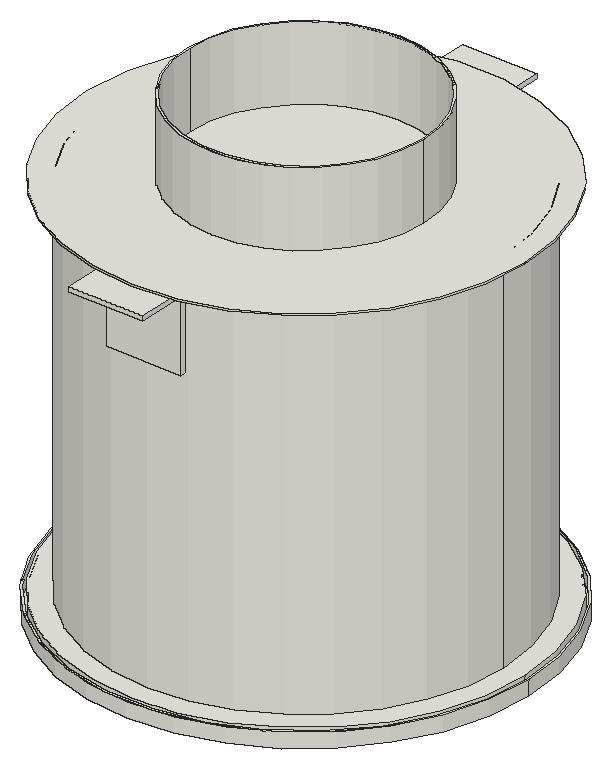
Revit family "Air Terminals_Abmessungen Gewichte DAL359 Anschlusskasten rund", category Air Terminals, Revit 2017
Family settings
  Round Connector Dimension = Use Diameter
  Part Type = Normal
  Work Plane-Based = No
  Always vertical = Yes
  Cut with Voids When Loaded = No
  Shared = No
  Room Calculation Point = No
Parameters (values of type "DAL359_300_Air top")
  ∆p Pa [instance] = if(Index = 1, "18,27,39", if(Index = 2, "23,34,51", if(Index = 3, "19,29,42", if(Index = 4, "9,14,19", if(Index = 5, "9,14,19", "13,18,28")))))  # "18,27,39"
  xkrit m [instance] = if(Index = 1, "0.9,1.1,1.4", if(Index = 2, "2.2,2.7,3.3", if(Index = 3, "2.7,3.3,4.1", if(Index = 4, "1.7,2.2,2.5", if(Index = 5, "1.7,2.2,2.5", "2.5,2.9,3.5")))))  # "0.9,1.1,1.4"
  V˙0 m3/ h [instance] = if(Index = 1, "110,135,160", if(Index = 2, "300,360,440", if(Index = 3, "430,530,650", if(Index = 4, "550,650,800", if(Index = 5, "550,670,800", "1150,1360,1750")))))  # "110,135,160"
  Top = yes
  Right = no
  Product url = "https://www.kampmann.de/hvac/produkte/luftdurchlaesse/dal359"
  Model Type = DAL359_300 rund : DAL359_300 rund
  Mindestabstand m [instance] = if(Index = 1, "1.3,1.5,1.8", if(Index = 2, "4.4,5.4,6.6", if(Index = 3, "5.4,6.6,8.2", if(Index = 4, "3.4,4.4,5.0", if(Index = 5, "3.4,4.4,5.0", "5.0,5.8,7.0")))))  # "1.3,1.5,1.8"
  Maß □ A = (if(Index = 1, 300 mm, if(Index = 2, 400 mm, if(Index = 3, 500 mm, if(Index = 4, 600 mm, if(Index = 5, 625 mm, 800 mm)))))) - 6 mm  # 294 mm
  Maß Ø D = if(Index = 1, 158 mm, if(Index = 2, 198 mm, if(Index = 3, 222 mm, if(Index = 4, 248 mm, if(Index = 5, 248 mm, 313 mm)))))  # 158 mm
  Maß H = if(Index = 1, 250 mm, if(Index = 2, 250 mm, if(Index = 3, 300 mm, if(Index = 4, 300 mm, if(Index = 5, 400 mm, 400 mm)))))  # 250 mm
  Maß E = 10 mm  # constant formula
  Maß B = if(Index = 1, 170 mm, if(Index = 2, 190 mm, if(Index = 3, 203 mm, if(Index = 4, 215 mm, if(Index = 5, 215 mm, 248 mm)))))  # 170 mm
  Material = RAL9010
  LWA dB(A) [instance] = if(Index = 1, "30,35,40", if(Index = 2, "30,35,40", if(Index = 3, "30,35,40", if(Index = 4, "30,35,40", if(Index = 5, "30,35,40", "30,35,40")))))  # "30,35,40"
  Index = 1
Types (13, lengths in mm): name | ∆p Pa | xkrit m | V˙0 m3/ h | Top | Right | Model Type | Mindestabstand m | Maß □ A | Maß Ø D | Maß H | Maß B | Index
  (no name) | "18,27,39" | "0.9,1.1,1.4" | "110,135,160" | yes | no | DAL359_300 rund : DAL359_300 rund | "1.3,1.5,1.8" | 294 | 158 | 250 | 170 | 1
  DAL359_300_Air right | "18,27,39" | "0.9,1.1,1.4" | "110,135,160" | no | yes | DAL359_300 rund : DAL359_300 rund | "1.3,1.5,1.8" | 294 | 158 | 250 | 170 | 1
  DAL359_400_Air right | "23,34,51" | "2.2,2.7,3.3" | "300,360,440" | no | yes | DAL359_400 rund : DAL359_400 rund | "4.4,5.4,6.6" | 394 | 198 | 250 | 190 | 2
  DAL359_500_Air right | "19,29,42" | "2.7,3.3,4.1" | "430,530,650" | no | yes | DAL359_500 rund : DAL359_500 rund | "5.4,6.6,8.2" | 494 | 222 | 300 | 203 | 3
  DAL359_600_Air right | "9,14,19" | "1.7,2.2,2.5" | "550,650,800" | no | yes | DAL359_600 rund : DAL359_600 rund | "3.4,4.4,5.0" | 594 | 248 | 300 | 215 | 4
  DAL359_625_Air right | "9,14,19" | "1.7,2.2,2.5" | "550,670,800" | no | yes | DAL359_625 rund : DAL359_625 rund | "3.4,4.4,5.0" | 619 | 248 | 400 | 215 | 5
  DAL359_800_Air right | "13,18,28" | "2.5,2.9,3.5" | "1150,1360,1750" | no | yes | DAL359_800 rund : DAL359_800 rund | "5.0,5.8,7.0" | 794 | 313 | 400 | 248 | 6
  DAL359_800_Air top | "13,18,28" | "2.5,2.9,3.5" | "1150,1360,1750" | yes | no | DAL359_800 rund : DAL359_800 rund | "5.0,5.8,7.0" | 794 | 313 | 400 | 248 | 6
  DAL359_625_Air top | "9,14,19" | "1.7,2.2,2.5" | "550,670,800" | yes | no | DAL359_625 rund : DAL359_625 rund | "3.4,4.4,5.0" | 619 | 248 | 400 | 215 | 5
  DAL359_600_Air top | "9,14,19" | "1.7,2.2,2.5" | "550,650,800" | yes | no | DAL359_600 rund : DAL359_600 rund | "3.4,4.4,5.0" | 594 | 248 | 300 | 215 | 4
  DAL359_500_Air top | "19,29,42" | "2.7,3.3,4.1" | "430,530,650" | yes | no | DAL359_500 rund : DAL359_500 rund | "5.4,6.6,8.2" | 494 | 222 | 300 | 203 | 3
  DAL359_400_Air top | "23,34,51" | "2.2,2.7,3.3" | "300,360,440" | yes | no | DAL359_400 rund : DAL359_400 rund | "4.4,5.4,6.6" | 394 | 198 | 250 | 190 | 2
  DAL359_300_Air top | "18,27,39" | "0.9,1.1,1.4" | "110,135,160" | yes | no | DAL359_300 rund : DAL359_300 rund | "1.3,1.5,1.8" | 294 | 158 | 250 | 170 | 1
Reference planes
  plane 1 "Center (Front/Back)": y = 0
  plane 2: z = 0
  plane 3 "Center (Left/Right)": x = 0
Dimensions and locks
  aligned and locked: level to plane 2
Nested families
  nested 1: "DRS_Swirl_Supply_Arrows_With_Horizontal_Throw" at (0, 0, 0), DRS_Throw <- "Maß □ A", DRS_Arrows_Start <- "Maß □ A", type "DRS_Swirl_Supply_Arrows_With_Horizontal_Throw"
    with DRS_West_Visible yes, DRS_Throw_Visible no, DRS_Throw 294 mm, DRS_South_Visible yes, DRS_North_Visible yes, DRS_East_Visible yes, DRS_Arrows_Start 294 mm, DRS_Arrows_Rotation 0.00°
  nested 2: "DAL359_300 rund" at (0, 0, 0), type <- "Model Type", type "DAL359_300 rund"
  nested 3: "DAL359_Anschlusskasten rund" at (0, 0, 0), type "DAL359_800"
    with Top yes, Right no, Maß □ A 294 mm, Maß Ø D 158 mm, Maß B 170 mm
Connectors
  hvac at (0, 0, 310), driven by "Maß Ø D"
    settings: on nested 3, index 1, duct flow 0.0 L/s, flow factor 0, pres drop 0.0 Pa, loss coef 0, conn angle 0.00°, conn width 304.8 mm, conn height 304.8 mm, conn diameter 158 mm, duct sys type 1, conn prof type 0, flow config 0, flow direction 1, loss method 0, conn ref index -1, conn util no, is conn primary yes, conn desc ""
  hvac at (183, 0, 156), driven by "Maß Ø D"
    settings: on nested 3, index 2, duct flow 0.0 L/s, flow factor 0, pres drop 0.0 Pa, loss coef 0, conn angle 0.00°, conn width 304.8 mm, conn height 304.8 mm, conn diameter 158 mm, duct sys type 1, conn prof type 0, flow config 0, flow direction 1, loss method 0, conn ref index -1, conn util no, is conn primary no, conn desc ""
Definition of nested family "DAL359_300 rund"
  Parameters (values of type "DAL359_300 rund")
    Maß □ D = 300 mm  # constant formula
  Reference planes
    plane 1 "Center (Front/Back)": y = 0
    plane 2: z = 0
    plane 3 "Center (Left/Right)": x = 0
    plane 4: x = -150
    plane 5: x = 150
    plane 6: y = 150
    plane 7: y = -150
  Forms (mm)
    Extrusion 1, solid
      sketch origin (0, 0, 0) x (1, 0, 0) y (0, 1, 0)
        loop
          circle (0, 0) r 150
      from 0 to 10
    Extrusion 2, void
      sketch origin (0, 0, 0) x (1, 0, 0) y (0, 1, 0)
        loop
          circle (0, 0) r 149
      from 1 to 10
    Extrusion 3, void
      sketch origin (0, 0, 0) x (1, 0, 0) y (0, 1, 0)
        loop
          line (-80, 5) -> (-80, -5) -> (-30, -5) -> (-30, 5) -> (-80, 5)
      from 0 to 1
    Extrusion 4, void
      sketch origin (0, 0, 0) x (0.900969, -0.433884, 0) y (0.433884, 0.900969, 0)
        loop
          line (-80, 5) -> (-80, -5) -> (-30, -5) -> (-30, 5) -> (-80, 5)
      from 0 to 1
    Extrusion 5, void
      sketch origin (0, 0, 0) x (0.900969, 0.433884, 0) y (-0.433884, 0.900969, 0)
        loop
          line (-80, 5) -> (-80, -5) -> (-30, -5) -> (-30, 5) -> (-80, 5)
      from 0 to 1
    Extrusion 6, void
      sketch origin (0, 0, 0) x (0.62349, 0.781831, 0) y (-0.781831, 0.62349, 0)
        loop
          line (-80, 5) -> (-80, -5) -> (-30, -5) -> (-30, 5) -> (-80, 5)
      from 0 to 1
    Extrusion 7, void
      sketch origin (0, 0, 0) x (0.222521, 0.974928, 0) y (-0.974928, 0.222521, 0)
        loop
          line (-80, 5) -> (-80, -5) -> (-30, -5) -> (-30, 5) -> (-80, 5)
      from 0 to 1
    Extrusion 8, void
      sketch origin (0, 0, 0) x (-0.222521, 0.974928, 0) y (-0.974928, -0.222521, 0)
        loop
          line (-80, 5) -> (-80, -5) -> (-30, -5) -> (-30, 5) -> (-80, 5)
      from 0 to 1
    Extrusion 9, void
      sketch origin (0, 0, 0) x (-0.62349, 0.781831, 0) y (-0.781831, -0.62349, 0)
        loop
          line (-80, 5) -> (-80, -5) -> (-30, -5) -> (-30, 5) -> (-80, 5)
      from 0 to 1
    Extrusion 10, void
      sketch origin (0, 0, 0) x (-0.900969, 0.433884, 0) y (-0.433884, -0.900969, 0)
        loop
          line (-80, 5) -> (-80, -5) -> (-30, -5) -> (-30, 5) -> (-80, 5)
      from 0 to 1
    Extrusion 11, void
      sketch origin (0, 0, 0) x (-1, 0, 0) y (0, -1, 0)
        loop
          line (-80, 5) -> (-80, -5) -> (-30, -5) -> (-30, 5) -> (-80, 5)
      from 0 to 1
    Extrusion 12, void
      sketch origin (0, 0, 0) x (-0.900969, -0.433884, 0) y (0.433884, -0.900969, 0)
        loop
          line (-80, 5) -> (-80, -5) -> (-30, -5) -> (-30, 5) -> (-80, 5)
      from 0 to 1
    Extrusion 13, void
      sketch origin (0, 0, 0) x (-0.62349, -0.781831, 0) y (0.781831, -0.62349, 0)
        loop
          line (-80, 5) -> (-80, -5) -> (-30, -5) -> (-30, 5) -> (-80, 5)
      from 0 to 1
    Extrusion 14, void
      sketch origin (0, 0, 0) x (-0.222521, -0.974928, 0) y (0.974928, -0.222521, 0)
        loop
          line (-80, 5) -> (-80, -5) -> (-30, -5) -> (-30, 5) -> (-80, 5)
      from 0 to 1
    Extrusion 15, void
      sketch origin (0, 0, 0) x (0.222521, -0.974928, 0) y (0.974928, 0.222521, 0)
        loop
          line (-80, 5) -> (-80, -5) -> (-30, -5) -> (-30, 5) -> (-80, 5)
      from 0 to 1
    Extrusion 16, void
      sketch origin (0, 0, 0) x (0.62349, -0.781831, 0) y (0.781831, 0.62349, 0)
        loop
          line (-80, 5) -> (-80, -5) -> (-30, -5) -> (-30, 5) -> (-80, 5)
      from 0 to 1
  Cuts and joins
    Extrusion 2, Extrusion 3, Extrusion 4, Extrusion 5, Extrusion 6, Extrusion 7, Extrusion 8, Extrusion 9, Extrusion 10, Extrusion 11, Extrusion 12, Extrusion 13, Extrusion 14, Extrusion 15, Extrusion 16 cuts Extrusion 1
  Dimensions and locks
    equal spacing: plane 4, plane 3 "Center (Left/Right)", plane 5
    "Maß □ D": plane 4 to plane 5
    equal spacing: plane 6, plane 1 "Center (Front/Back)", plane 7
    "Maß □ D": plane 6 to plane 7
    "Maß □ D": diameter of Extrusion 1 sketch curve
    aligned and locked: level to plane 2
  Automatic sketch dimensions
    Extrusion 3 sketch curve to Extrusion 3 sketch curve = 50 mm
    Extrusion 3 sketch curve to Extrusion 3 sketch curve = 10 mm
    Extrusion 4 sketch curve to Extrusion 4 sketch curve = 50 mm
    Extrusion 4 sketch curve to Extrusion 4 sketch curve = 10 mm
    Extrusion 5 sketch curve to Extrusion 5 sketch curve = 50 mm
    Extrusion 5 sketch curve to Extrusion 5 sketch curve = 10 mm
    Extrusion 6 sketch curve to Extrusion 6 sketch curve = 50 mm
    Extrusion 6 sketch curve to Extrusion 6 sketch curve = 10 mm
    Extrusion 7 sketch curve to Extrusion 7 sketch curve = 50 mm
    Extrusion 7 sketch curve to Extrusion 7 sketch curve = 10 mm
    Extrusion 8 sketch curve to Extrusion 8 sketch curve = 50 mm
    Extrusion 8 sketch curve to Extrusion 8 sketch curve = 10 mm
    Extrusion 9 sketch curve to Extrusion 9 sketch curve = 50 mm
    Extrusion 9 sketch curve to Extrusion 9 sketch curve = 10 mm
    Extrusion 10 sketch curve to Extrusion 10 sketch curve = 50 mm
    Extrusion 10 sketch curve to Extrusion 10 sketch curve = 10 mm
    Extrusion 11 sketch curve to Extrusion 11 sketch curve = 50 mm
    Extrusion 11 sketch curve to Extrusion 11 sketch curve = 10 mm
    Extrusion 12 sketch curve to Extrusion 12 sketch curve = 50 mm
    Extrusion 12 sketch curve to Extrusion 12 sketch curve = 10 mm
    Extrusion 13 sketch curve to Extrusion 13 sketch curve = 50 mm
    Extrusion 13 sketch curve to Extrusion 13 sketch curve = 10 mm
    Extrusion 14 sketch curve to Extrusion 14 sketch curve = 50 mm
    Extrusion 14 sketch curve to Extrusion 14 sketch curve = 10 mm
    Extrusion 15 sketch curve to Extrusion 15 sketch curve = 50 mm
    Extrusion 15 sketch curve to Extrusion 15 sketch curve = 10 mm
    Extrusion 16 sketch curve to Extrusion 16 sketch curve = 50 mm
    Extrusion 16 sketch curve to Extrusion 16 sketch curve = 10 mm
    plane 1 "Center (Front/Back)" to Extrusion 2 sketch curve = 0 mm
    Extrusion 2 sketch curve to plane 3 "Center (Left/Right)" = 0 mm
    plane 4 to Extrusion 2 sketch curve = 1 mm
    plane 1 "Center (Front/Back)" to Extrusion 1 sketch curve = 0 mm
    Extrusion 1 sketch curve to plane 3 "Center (Left/Right)" = 0 mm
Definition of nested family "DAL359_Anschlusskasten rund"
  Parameters (values of type "DAL359_800")
    Top = no
    Right = yes
    Maß □ A = 394 mm
    Maß Ø D = 198 mm
    Maß H = 250 mm
    Maß E = 10 mm  # constant formula
    Maß B = 214.348 mm
    Material = none
    Index = 6
    Gewicht kg = 0 mm
  Reference planes
    plane 1 "Center (Front/Back)": y = 0
    plane 2: z = 0
    plane 3 "Center (Left/Right)": x = 0
    plane 4: x = -197
    plane 5: x = 197
    plane 6: z = 10
    plane 7 "Maß H": z = 260
    plane 8: y = 197
    plane 9: y = -197
    plane 10: z = 136
    plane 11: z = 235
    plane 12: z = 37
  Forms (mm)
    Extrusion 1, solid, material <- "Material"
      sketch origin (0, 0, 260) x (-1, 0, 0) y (0, -1, 0)
        loop
          circle (0, 0) r 197
      from -1 to 0
    Extrusion 2, solid, material <- "Material", visible <- "Top"
      sketch origin (0, 0, 260) x (-1, 0, 0) y (0, -1, 0)
        loop
          circle (0, 0) r 99
        loop
          circle (0, 0) r 98
      from 0 to 50
    Sweep 3, solid, material <- "Material"
      path origin (0, 0, 260) x (-1, 0, 0) y (0, -1, 0)
        loop
          circle (0, 0) r 197
      profile origin (0, -197, 260) x (0, 1, 0) y (0, 0, 1)
        loop
          line (0, -260) -> (1, -260) -> (1, -250) -> (15, -250) -> (15, -1) -> (14, -1) -> (14, -249) -> (0, -249) -> (0, -260)
    Extrusion 4, solid, material <- "Material"
      sketch origin (0, 0, 0) x (0, 1, 0) y (0, 0, 1)
        loop
          line (-183, 259) -> (-218, 259) -> (-218, 256) -> (-186, 256) -> (-186, 209) -> (-183, 209) -> (-183, 259)
        loop
          line (183, 259) -> (183, 209) -> (186, 209) -> (186, 256) -> (213, 256) -> (213, 259) -> (183, 259)
      from -25 to 25
    Revolve 5, solid, material <- "Material", visible <- "Right"
      sketch origin (0, 0, 0) x (1, 0, 0) y (0, 0, 1)
        loop
          line (124.936, 37) -> (233, 37) -> (233, 38) -> (124.936, 38) -> (124.936, 37)
        axis (124.936, 136) -> (233, 136)
      angle from 0 to 360
  Dimensions and locks
    equal spacing: plane 5, plane 3 "Center (Left/Right)", plane 4
    "Maß □ A": plane 5 to plane 4
    "Maß E": plane 6 to level
    "Maß H": plane 7 "Maß H" to plane 6
    equal spacing: plane 8, plane 1 "Center (Front/Back)", plane 9
    "Maß □ A": plane 8 to plane 9
    locked: Sweep 3 sketch curve to plane 9 at 14
    locked: Extrusion 2 sketch curve to Extrusion 2 sketch curve at 1
    Extrusion 4 sketch curve to Extrusion 4 sketch curve to plane 9 to Extrusion 4 sketch curve = 3 mm locked, 11 mm locked, 21 mm locked
    Extrusion 4 sketch curve to plane 8 to Extrusion 4 sketch curve to Extrusion 4 sketch curve = 16 mm locked, 11 mm locked, 3 mm locked
    equal spacing: plane 11, plane 10, plane 12
    "Maß Ø D": plane 11 to plane 12
    locked: plane 7 "Maß H" to plane 11 at 25
    "Maß □ A": diameter of Extrusion 1 sketch curve
    "Maß □ A": diameter of Sweep 3 sketch curve
    "Maß Ø D": diameter of Extrusion 2 sketch curve
    aligned and locked: level to plane 2
    aligned and locked: Extrusion 1 to Sweep 3 sketch curve
    aligned and locked: plane 6 to Sweep 3 sketch curve
  Automatic sketch dimensions
    Sweep 3 sketch curve to profile plane = 0 mm
    Sweep 3 sketch curve to profile plane = 1 mm
    Sweep 3 sketch curve to Sweep 3 sketch curve = 1 mm  (x2)
    Sweep 3 sketch curve to Sweep 3 sketch curve = 10 mm
    Extrusion 4 sketch curve to plane 7 "Maß H" = 1 mm  (x2)
    Extrusion 4 sketch curve to Extrusion 4 sketch curve = 3 mm
    Extrusion 4 sketch curve to plane 7 "Maß H" = 4 mm
    Extrusion 4 sketch curve to Extrusion 4 sketch curve = 47 mm  (x2)
    Revolve 5 sketch curve to plane 3 "Center (Left/Right)" = 0 mm
    Revolve 5 sketch curve to plane 12 = 0 mm
    Revolve 5 sketch curve to plane 10 = 0 mm
    Revolve 5 sketch curve to plane 5 = 72.064 mm
    plane 12 to Revolve 5 sketch curve = 1 mm
    plane 5 to Revolve 5 sketch curve = 36 mm  (x2)
    plane 1 "Center (Front/Back)" to Extrusion 1 sketch curve = 0 mm
    Extrusion 1 sketch curve to plane 3 "Center (Left/Right)" = 0 mm
    Extrusion 2 sketch curve to Extrusion 2 sketch curve = 0 mm  (x12)
    plane 1 "Center (Front/Back)" to Extrusion 2 sketch curve = 0 mm  (x3)
    Extrusion 2 sketch curve to plane 3 "Center (Left/Right)" = 0 mm
    plane 1 "Center (Front/Back)" to Sweep 3 sketch curve = 0 mm
    Sweep 3 sketch curve to plane 3 "Center (Left/Right)" = 0 mm
Definition of nested family "DRS_Swirl_Supply_Arrows_With_Horizontal_Throw"
  Parameters (values of type "DRS_Swirl_Supply_Arrows_With_Horizontal_Throw")
    DRS_West_Visible [instance] = 1 = 1  # yes
    DRS_Throw_Visible [instance] = yes
    DRS_Throw [instance] = 1500 mm
    DRS_Arrows_Start [instance] = 325 mm
    DRS_South_Visible [instance] = 1 = 1  # yes
    DRS_Arrows_Rotation [instance] = 0.00°
    DRS_North_Visible [instance] = 1 = 1  # yes
    DRS_East_Visible [instance] = 1 = 1  # yes
  Reference planes
    plane 1 "Center (Front/Back)": y = 0
    plane 2: z = 0
    plane 3 "Center (Left/Right)": x = 0
  Lines and regions (mm)
    reference lines
      curve 1: line (0, 0, 0) -> (300, 0, 0)
      curve 2: line (0, 0, 0) -> (0, 300, 0)
      curve 3: line (0, 0, 0) -> (-300, 0, 0)
      curve 4: line (0, 0, 0) -> (0, -300, 0)
  Dimensions and locks
    "DRS_Arrows_Rotation": angle plane 1 "Center (Front/Back)" to curve 1
    "DRS_Arrows_Rotation": angle plane 3 "Center (Left/Right)" to curve 2
    "DRS_Arrows_Rotation": angle plane 1 "Center (Front/Back)" to curve 3
    "DRS_Arrows_Rotation": angle plane 3 "Center (Left/Right)" to curve 4
    aligned and locked: level to plane 2
    aligned and locked: plane 3 "Center (Left/Right)" to curve 1
    aligned and locked: plane 1 "Center (Front/Back)" to curve 1
    aligned and locked: plane 3 "Center (Left/Right)" to curve 2
    aligned and locked: plane 1 "Center (Front/Back)" to curve 2
    aligned and locked: plane 3 "Center (Left/Right)" to curve 3
    aligned and locked: plane 1 "Center (Front/Back)" to curve 3
    aligned and locked: curve 4 to plane 3 "Center (Left/Right)"
    aligned and locked: curve 4 to plane 1 "Center (Front/Back)"
  Nested families
    nested 1: "DRS_Swirl_Supply_Arrow_With_Horizontal_Throw" at (0, 0, 0), visible <- "DRS_East_Visible", SACS_Arrow_Start <- "DRS_Arrows_Start", SACS_Throw <- "DRS_Throw", SACS_Throw_Visible <- "DRS_Throw_Visible", type "DRS_Swirl_Supply_Arrow_With_Horizontal_Throw"
      with SACS_Throw_Visible yes, SACS_Throw 1500 mm, SACS_Radius 300 mm, SACS_Arrow_Start 325 mm, SACS_Arrow_End 625 mm, built-in parameter 1001306 2.0505 (stored number, unit not read)
    nested 2: "DRS_Swirl_Supply_Arrow_With_Horizontal_Throw" at (0, 0, 0) x (0, 1, 0) z (0, 0, 1), visible <- "DRS_North_Visible", SACS_Arrow_Start <- "DRS_Arrows_Start", SACS_Throw <- "DRS_Throw", SACS_Throw_Visible <- "DRS_Throw_Visible", type "DRS_Swirl_Supply_Arrow_With_Horizontal_Throw"
      with SACS_Throw_Visible yes, SACS_Throw 1500 mm, SACS_Radius 300 mm, SACS_Arrow_Start 325 mm, SACS_Arrow_End 625 mm, built-in parameter 1001306 2.0505 (stored number, unit not read)
    nested 3: "DRS_Swirl_Supply_Arrow_With_Horizontal_Throw" at (0, 0, 0) x (0, -1, 0) z (0, 0, 1), visible <- "DRS_South_Visible", SACS_Arrow_Start <- "DRS_Arrows_Start", SACS_Throw <- "DRS_Throw", SACS_Throw_Visible <- "DRS_Throw_Visible", type "DRS_Swirl_Supply_Arrow_With_Horizontal_Throw"
      with SACS_Throw_Visible yes, SACS_Throw 1500 mm, SACS_Radius 300 mm, SACS_Arrow_Start 325 mm, SACS_Arrow_End 625 mm, built-in parameter 1001306 2.0505 (stored number, unit not read)
    nested 4: "DRS_Swirl_Supply_Arrow_With_Horizontal_Throw" at (0, 0, 0) x (-1, 0, 0) z (0, 0, 1), visible <- "DRS_West_Visible", SACS_Arrow_Start <- "DRS_Arrows_Start", SACS_Throw <- "DRS_Throw", SACS_Throw_Visible <- "DRS_Throw_Visible", type "DRS_Swirl_Supply_Arrow_With_Horizontal_Throw"
      with SACS_Throw_Visible yes, SACS_Throw 1500 mm, SACS_Radius 300 mm, SACS_Arrow_Start 325 mm, SACS_Arrow_End 625 mm, built-in parameter 1001306 2.0505 (stored number, unit not read)
  Definition of nested family "DRS_Swirl_Supply_Arrow_With_Horizontal_Throw"
    Parameters (values of type "SACS_Swirl_Supply_Arrow_With_Horizontal_Throw")
      SACS_Throw_Visible [instance] = yes
      SACS_Throw [instance] = 1500 mm
      SACS_Radius [instance] = SACS_Arrow_End - SACS_Arrow_Start  # 300 mm
      SACS_Arrow_Start [instance] = 325 mm
      SACS_Arrow_End [instance] = SACS_Arrow_Start + 300 mm  # 625 mm
      built-in parameter 1001306 [instance] = SACS_Arrow_End  # 625 mm
    Reference planes
      plane 1 "Center (Front/Back)": y = 0
      plane 2: z = 0
      plane 3 "Left": x = 0
      plane 4 "Right": x = 625
      plane 5: through (0, 0, 1219.2) normal (0.7071, 0.7071, 0)
      plane 6: through (0, 0, 1219.2) normal (-0.7071, 0.7071, 0)
      plane 7: y = 300
      plane 8: x = 325
      plane 9: y = 360
      plane 10: x = 595
      plane 11: x = 655
    Lines and regions (mm)
      Filled region 1, type "Solid Fill - Black", in view "Ref. Level"
        outline origin (0, 0, 0) x (1, 0, 0) y (0, 1, 0)
          loop
            line (595, 300) -> (655, 300) -> (625, 360) -> (595, 300)
      reference lines, in view "Ref. Level"
        curve 1: line (0, 0, 0) -> (625, 0, 0)
      detail lines, in view "Ref. Level", visible <- "SACS_Throw_Visible"
        curve 2: arc (1060.66, -1060.66, 0) -> (1500, 0, 0) -> (1060.66, 1060.66, 0) r 1500
      detail lines, in view "Ref. Level"
        curve 3: arc (325, 0, 0) -> (537.132, 87.868, 0) -> (625, 300, 0) r 300
    Dimensions and locks
      "built-in parameter 1001306": plane 3 "Left" to plane 4 "Right"
      "SACS_Radius": plane 1 "Center (Front/Back)" to plane 7
      "SACS_Arrow_Start": plane 3 "Left" to plane 8
      locked: plane 9 to plane 7 at 60
      equal spacing: plane 10, plane 4 "Right", plane 11
      locked: plane 10 to plane 11 at 60
      "SACS_Throw": radius of curve 2
      aligned and locked: plane 1 "Center (Front/Back)" to curve 1
      aligned and locked: plane 3 "Left" to curve 1
      aligned and locked: plane 4 "Right" to curve 1
      aligned and locked: plane 4 "Right" to curve 3
      aligned and locked: plane 1 "Center (Front/Back)" to curve 3
    Automatic sketch dimensions
      Filled region 1 sketch curve to plane 10 = 0 mm
      Filled region 1 sketch curve to plane 7 = 0 mm
      Filled region 1 sketch curve to plane 4 "Right" = 0 mm
      Filled region 1 sketch curve to plane 11 = 0 mm
      Filled region 1 sketch curve to plane 9 = 0 mm
      plane 1 "Center (Front/Back)" to curve 2 = 0 mm
      curve 2 to plane 3 "Left" = 0 mm
      curve 3 to plane 8 = 0 mm
      curve 2 to plane 6 = 0 mm
      curve 2 to plane 5 = 0 mm
